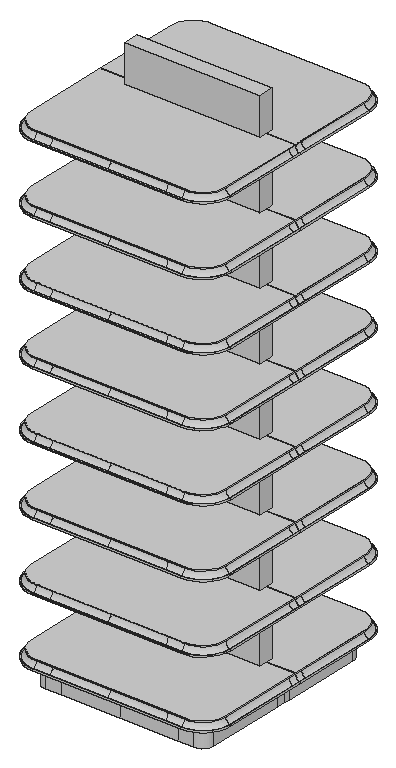
Revit family "AD", category Specialty Equipment, Revit 2012
Parameters (values of type "Feature Aisle Display (Default)")
  URL = "http://madixinc.com/display/maxiline/fad/"
  Model = "Feature Aisle Display"
  Manufacturer = "© 2012 Madix, Inc. All rights reserved."
  Base Shelf [instance] = yes
  Shelf 2' [instance] = yes
  Width = 3' - 0"
  Shelf 3' [instance] = yes
  Shelf 4' [instance] = yes
  Shelf 5' [instance] = yes
  Shelf 6' [instance] = yes
  Shelf 7' [instance] = yes
  Shelf 8' [instance] = yes
  Shelf Depth (Each Side) = 1' - 6"
  Height = 8' - 0"
Reference planes (in)
  plane 1 "Center (Front/Back)": y = 0
  plane 2: z = 0
  plane 3 "Center (Left/Right)": x = 0
  plane 4: y = 1.375
  plane 5: y = -1.375
  plane 6: z = 96
  plane 7: z = 0
  plane 8 "1st shelf": z = 17.5
  plane 9 "2nd shelf": z = 41.5
  plane 10: y = -20.25
  plane 11: x = -18
  plane 12: x = 18
  plane 13: x = -17.875
  plane 14: x = 17.875
  plane 15: z = 29.5
  plane 16: y = 24.25
  plane 17: x = 15.125
  plane 18: x = -15.125
  plane 19: y = -17.375
  plane 20: y = -20.125
  plane 21: y = -19.375
  plane 22: x = -15.125
  plane 23: x = 15.125
  plane 24: z = 5.5
  plane 25: z = 53.5
  plane 26: z = 65.5
  plane 27: z = 77.5
  plane 28: z = 89.5
  plane 29: y = 20.25
  plane 30: y = 17.375
  plane 31: y = 19.375
  plane 32: y = 20.25
  plane 33: y = 17.375
  plane 34: y = 20.125
Forms (in)
  Extrusion 1, solid, material "Metal - Steel"
    sketch origin (-24, 1.375, 77.5) x (1, 0, 0) y (0, 1, 0)
      loop
        line (24, 0) -> (12, 0) -> (12, -2.75) -> (36, -2.75) -> (36, 0) -> (24, 0)
    from -77.5 to 18.5
  Extrusion 2, solid, material "Metal - Steel", visible <- "Base Shelf"
    sketch origin (-24, 1.375, 77.5) x (1, 0, 0) y (0, 1, 0)
      loop
        line (8.875, -2.75) -> (8.875, -16.75)
        arc (8.875, -16.75) -> (9.46079, -18.16421) -> (10.875, -18.75) r 2
        line (10.875, -18.75) -> (13.75, -18.75) -> (24, -18.75) -> (34.25, -18.75) -> (37.125, -18.75)
        arc (37.125, -18.75) -> (38.53921, -18.16421) -> (39.125, -16.75) r 2
        line (39.125, -16.75) -> (39.125, -2.75) -> (39.125, -1.375) -> (36, -1.375) -> (36, -2.75) -> (12, -2.75) -> (12, -1.375) -> (8.875, -1.375) -> (8.875, -2.75)
    from -77.5 to -72
  Sweep 3, solid, material "Metal - Steel", visible <- "Base Shelf"
    path in 3D
      loop
        line (-15.125, 0, 5.5) -> (-15.125, -1.375, 5.5) -> (-15.125, -15.375, 5.5)
        arc (-15.125, -15.375, 5.5) -> (-14.53921, -16.78921, 5.5) -> (-13.125, -17.375, 5.5) r 2
        line (-13.125, -17.375, 5.5) -> (-10.25, -17.375, 5.5) -> (0, -17.375, 5.5) -> (10.25, -17.375, 5.5) -> (13.125, -17.375, 5.5)
        arc (13.125, -17.375, 5.5) -> (14.53921, -16.78921, 5.5) -> (15.125, -15.375, 5.5) r 2
        line (15.125, -15.375, 5.5) -> (15.125, -1.375, 5.5) -> (15.125, 0, 5.5)
    profile origin (-15.125, -8.375, 5.5) x (1, 0, 0) y (0, 0, 1)
      loop
        line (0, 0) -> (-2, 0) -> (-2.125, 0) -> (-2.125, -0.125) -> (-2, -0.125)
        arc (-2, -0.125) -> (-2.26196, -0.76286) -> (-2.75, -1.25) r 1.75
        line (-2.75, -1.25) -> (-2.75, -1.125) -> (-2.875, -1.125) -> (-2.875, -1.375) -> (0, -1.375) -> (0, 0)
  Extrusion 4, solid, material "Metal - Steel", visible <- "Shelf 2'"
    sketch origin (-24, 1.375, 89.5) x (1, 0, 0) y (0, 1, 0)
      loop
        line (8.875, -2.75) -> (8.875, -16.75)
        arc (8.875, -16.75) -> (9.46079, -18.16421) -> (10.875, -18.75) r 2
        line (10.875, -18.75) -> (13.75, -18.75) -> (24, -18.75) -> (34.25, -18.75) -> (37.125, -18.75)
        arc (37.125, -18.75) -> (38.53921, -18.16421) -> (39.125, -16.75) r 2
        line (39.125, -16.75) -> (39.125, -2.75) -> (39.125, -1.375) -> (36, -1.375) -> (36, -2.75) -> (12, -2.75) -> (12, -1.375) -> (8.875, -1.375) -> (8.875, -2.75)
    from -73.375 to -72
  Sweep 5, solid, material "Metal - Steel", visible <- "Shelf 2'"
    path in 3D
      loop
        line (-15.125, 0, 17.5) -> (-15.125, -1.375, 17.5) -> (-15.125, -15.375, 17.5)
        arc (-15.125, -15.375, 17.5) -> (-14.53921, -16.78921, 17.5) -> (-13.125, -17.375, 17.5) r 2
        line (-13.125, -17.375, 17.5) -> (-10.25, -17.375, 17.5) -> (0, -17.375, 17.5) -> (10.25, -17.375, 17.5) -> (13.125, -17.375, 17.5)
        arc (13.125, -17.375, 17.5) -> (14.53921, -16.78921, 17.5) -> (15.125, -15.375, 17.5) r 2
        line (15.125, -15.375, 17.5) -> (15.125, -1.375, 17.5) -> (15.125, 0, 17.5)
    profile origin (-15.125, -8.375, 17.5) x (1, 0, 0) y (0, 0, 1)
      loop
        line (0, 0) -> (-2, 0) -> (-2.125, 0) -> (-2.125, -0.125) -> (-2, -0.125)
        arc (-2, -0.125) -> (-2.26196, -0.76286) -> (-2.75, -1.25) r 1.75
        line (-2.75, -1.25) -> (-2.75, -1.125) -> (-2.875, -1.125) -> (-2.875, -1.375) -> (0, -1.375) -> (0, 0)
  Extrusion 6, solid, material "Metal - Steel", visible <- "Shelf 3'"
    sketch origin (-24, 1.375, 101.5) x (1, 0, 0) y (0, 1, 0)
      loop
        line (8.875, -2.75) -> (8.875, -16.75)
        arc (8.875, -16.75) -> (9.46079, -18.16421) -> (10.875, -18.75) r 2
        line (10.875, -18.75) -> (13.75, -18.75) -> (24, -18.75) -> (34.25, -18.75) -> (37.125, -18.75)
        arc (37.125, -18.75) -> (38.53921, -18.16421) -> (39.125, -16.75) r 2
        line (39.125, -16.75) -> (39.125, -2.75) -> (39.125, -1.375) -> (36, -1.375) -> (36, -2.75) -> (12, -2.75) -> (12, -1.375) -> (8.875, -1.375) -> (8.875, -2.75)
    from -73.375 to -72
  Sweep 7, solid, material "Metal - Steel", visible <- "Shelf 3'"
    path in 3D
      loop
        line (-15.125, 0, 29.5) -> (-15.125, -1.375, 29.5) -> (-15.125, -15.375, 29.5)
        arc (-15.125, -15.375, 29.5) -> (-14.53921, -16.78921, 29.5) -> (-13.125, -17.375, 29.5) r 2
        line (-13.125, -17.375, 29.5) -> (-10.25, -17.375, 29.5) -> (0, -17.375, 29.5) -> (10.25, -17.375, 29.5) -> (13.125, -17.375, 29.5)
        arc (13.125, -17.375, 29.5) -> (14.53921, -16.78921, 29.5) -> (15.125, -15.375, 29.5) r 2
        line (15.125, -15.375, 29.5) -> (15.125, -1.375, 29.5) -> (15.125, 0, 29.5)
    profile origin (-15.125, -8.375, 29.5) x (1, 0, 0) y (0, 0, 1)
      loop
        line (0, 0) -> (-2, 0) -> (-2.125, 0) -> (-2.125, -0.125) -> (-2, -0.125)
        arc (-2, -0.125) -> (-2.26196, -0.76286) -> (-2.75, -1.25) r 1.75
        line (-2.75, -1.25) -> (-2.75, -1.125) -> (-2.875, -1.125) -> (-2.875, -1.375) -> (0, -1.375) -> (0, 0)
  Extrusion 8, solid, material "Metal - Steel", visible <- "Shelf 4'"
    sketch origin (-24, 1.375, 113.5) x (1, 0, 0) y (0, 1, 0)
      loop
        line (8.875, -2.75) -> (8.875, -16.75)
        arc (8.875, -16.75) -> (9.46079, -18.16421) -> (10.875, -18.75) r 2
        line (10.875, -18.75) -> (13.75, -18.75) -> (24, -18.75) -> (34.25, -18.75) -> (37.125, -18.75)
        arc (37.125, -18.75) -> (38.53921, -18.16421) -> (39.125, -16.75) r 2
        line (39.125, -16.75) -> (39.125, -2.75) -> (39.125, -1.375) -> (36, -1.375) -> (36, -2.75) -> (12, -2.75) -> (12, -1.375) -> (8.875, -1.375) -> (8.875, -2.75)
    from -73.375 to -72
  Sweep 9, solid, material "Metal - Steel", visible <- "Shelf 4'"
    path in 3D
      loop
        line (-15.125, 0, 41.5) -> (-15.125, -1.375, 41.5) -> (-15.125, -15.375, 41.5)
        arc (-15.125, -15.375, 41.5) -> (-14.53921, -16.78921, 41.5) -> (-13.125, -17.375, 41.5) r 2
        line (-13.125, -17.375, 41.5) -> (-10.25, -17.375, 41.5) -> (0, -17.375, 41.5) -> (10.25, -17.375, 41.5) -> (13.125, -17.375, 41.5)
        arc (13.125, -17.375, 41.5) -> (14.53921, -16.78921, 41.5) -> (15.125, -15.375, 41.5) r 2
        line (15.125, -15.375, 41.5) -> (15.125, -1.375, 41.5) -> (15.125, 0, 41.5)
    profile origin (-15.125, -8.375, 41.5) x (1, 0, 0) y (0, 0, 1)
      loop
        line (0, 0) -> (-2, 0) -> (-2.125, 0) -> (-2.125, -0.125) -> (-2, -0.125)
        arc (-2, -0.125) -> (-2.26196, -0.76286) -> (-2.75, -1.25) r 1.75
        line (-2.75, -1.25) -> (-2.75, -1.125) -> (-2.875, -1.125) -> (-2.875, -1.375) -> (0, -1.375) -> (0, 0)
  Extrusion 10, solid, material "Metal - Steel", visible <- "Shelf 5'"
    sketch origin (-24, 1.375, 125.5) x (1, 0, 0) y (0, 1, 0)
      loop
        line (8.875, -2.75) -> (8.875, -16.75)
        arc (8.875, -16.75) -> (9.46079, -18.16421) -> (10.875, -18.75) r 2
        line (10.875, -18.75) -> (13.75, -18.75) -> (24, -18.75) -> (34.25, -18.75) -> (37.125, -18.75)
        arc (37.125, -18.75) -> (38.53921, -18.16421) -> (39.125, -16.75) r 2
        line (39.125, -16.75) -> (39.125, -2.75) -> (39.125, -1.375) -> (36, -1.375) -> (36, -2.75) -> (12, -2.75) -> (12, -1.375) -> (8.875, -1.375) -> (8.875, -2.75)
    from -73.375 to -72
  Sweep 11, solid, material "Metal - Steel", visible <- "Shelf 5'"
    path in 3D
      loop
        line (-15.125, 0, 53.5) -> (-15.125, -1.375, 53.5) -> (-15.125, -15.375, 53.5)
        arc (-15.125, -15.375, 53.5) -> (-14.53921, -16.78921, 53.5) -> (-13.125, -17.375, 53.5) r 2
        line (-13.125, -17.375, 53.5) -> (-10.25, -17.375, 53.5) -> (0, -17.375, 53.5) -> (10.25, -17.375, 53.5) -> (13.125, -17.375, 53.5)
        arc (13.125, -17.375, 53.5) -> (14.53921, -16.78921, 53.5) -> (15.125, -15.375, 53.5) r 2
        line (15.125, -15.375, 53.5) -> (15.125, -1.375, 53.5) -> (15.125, 0, 53.5)
    profile origin (-15.125, -8.375, 53.5) x (1, 0, 0) y (0, 0, 1)
      loop
        line (0, 0) -> (-2, 0) -> (-2.125, 0) -> (-2.125, -0.125) -> (-2, -0.125)
        arc (-2, -0.125) -> (-2.26196, -0.76286) -> (-2.75, -1.25) r 1.75
        line (-2.75, -1.25) -> (-2.75, -1.125) -> (-2.875, -1.125) -> (-2.875, -1.375) -> (0, -1.375) -> (0, 0)
  Extrusion 12, solid, material "Metal - Steel", visible <- "Shelf 6'"
    sketch origin (-24, 1.375, 137.5) x (1, 0, 0) y (0, 1, 0)
      loop
        line (8.875, -2.75) -> (8.875, -16.75)
        arc (8.875, -16.75) -> (9.46079, -18.16421) -> (10.875, -18.75) r 2
        line (10.875, -18.75) -> (13.75, -18.75) -> (24, -18.75) -> (34.25, -18.75) -> (37.125, -18.75)
        arc (37.125, -18.75) -> (38.53921, -18.16421) -> (39.125, -16.75) r 2
        line (39.125, -16.75) -> (39.125, -2.75) -> (39.125, -1.375) -> (36, -1.375) -> (36, -2.75) -> (12, -2.75) -> (12, -1.375) -> (8.875, -1.375) -> (8.875, -2.75)
    from -73.375 to -72
  Sweep 13, solid, material "Metal - Steel", visible <- "Shelf 6'"
    path in 3D
      loop
        line (-15.125, 0, 65.5) -> (-15.125, -1.375, 65.5) -> (-15.125, -15.375, 65.5)
        arc (-15.125, -15.375, 65.5) -> (-14.53921, -16.78921, 65.5) -> (-13.125, -17.375, 65.5) r 2
        line (-13.125, -17.375, 65.5) -> (-10.25, -17.375, 65.5) -> (0, -17.375, 65.5) -> (10.25, -17.375, 65.5) -> (13.125, -17.375, 65.5)
        arc (13.125, -17.375, 65.5) -> (14.53921, -16.78921, 65.5) -> (15.125, -15.375, 65.5) r 2
        line (15.125, -15.375, 65.5) -> (15.125, -1.375, 65.5) -> (15.125, 0, 65.5)
    profile origin (-15.125, -8.375, 65.5) x (1, 0, 0) y (0, 0, 1)
      loop
        line (0, 0) -> (-2, 0) -> (-2.125, 0) -> (-2.125, -0.125) -> (-2, -0.125)
        arc (-2, -0.125) -> (-2.26196, -0.76286) -> (-2.75, -1.25) r 1.75
        line (-2.75, -1.25) -> (-2.75, -1.125) -> (-2.875, -1.125) -> (-2.875, -1.375) -> (0, -1.375) -> (0, 0)
  Extrusion 14, solid, material "Metal - Steel", visible <- "Shelf 7'"
    sketch origin (-24, 1.375, 149.5) x (1, 0, 0) y (0, 1, 0)
      loop
        line (8.875, -2.75) -> (8.875, -16.75)
        arc (8.875, -16.75) -> (9.46079, -18.16421) -> (10.875, -18.75) r 2
        line (10.875, -18.75) -> (13.75, -18.75) -> (24, -18.75) -> (34.25, -18.75) -> (37.125, -18.75)
        arc (37.125, -18.75) -> (38.53921, -18.16421) -> (39.125, -16.75) r 2
        line (39.125, -16.75) -> (39.125, -2.75) -> (39.125, -1.375) -> (36, -1.375) -> (36, -2.75) -> (12, -2.75) -> (12, -1.375) -> (8.875, -1.375) -> (8.875, -2.75)
    from -73.375 to -72
  Sweep 15, solid, material "Metal - Steel", visible <- "Shelf 7'"
    path in 3D
      loop
        line (-15.125, 0, 77.5) -> (-15.125, -1.375, 77.5) -> (-15.125, -15.375, 77.5)
        arc (-15.125, -15.375, 77.5) -> (-14.53921, -16.78921, 77.5) -> (-13.125, -17.375, 77.5) r 2
        line (-13.125, -17.375, 77.5) -> (-10.25, -17.375, 77.5) -> (0, -17.375, 77.5) -> (10.25, -17.375, 77.5) -> (13.125, -17.375, 77.5)
        arc (13.125, -17.375, 77.5) -> (14.53921, -16.78921, 77.5) -> (15.125, -15.375, 77.5) r 2
        line (15.125, -15.375, 77.5) -> (15.125, -1.375, 77.5) -> (15.125, 0, 77.5)
    profile origin (-15.125, -8.375, 77.5) x (1, 0, 0) y (0, 0, 1)
      loop
        line (0, 0) -> (-2, 0) -> (-2.125, 0) -> (-2.125, -0.125) -> (-2, -0.125)
        arc (-2, -0.125) -> (-2.26196, -0.76286) -> (-2.75, -1.25) r 1.75
        line (-2.75, -1.25) -> (-2.75, -1.125) -> (-2.875, -1.125) -> (-2.875, -1.375) -> (0, -1.375) -> (0, 0)
  Extrusion 16, solid, material "Metal - Steel", visible <- "Shelf 8'"
    sketch origin (-24, 1.375, 161.5) x (1, 0, 0) y (0, 1, 0)
      loop
        line (8.875, -2.75) -> (8.875, -16.75)
        arc (8.875, -16.75) -> (9.46079, -18.16421) -> (10.875, -18.75) r 2
        line (10.875, -18.75) -> (13.75, -18.75) -> (24, -18.75) -> (34.25, -18.75) -> (37.125, -18.75)
        arc (37.125, -18.75) -> (38.53921, -18.16421) -> (39.125, -16.75) r 2
        line (39.125, -16.75) -> (39.125, -2.75) -> (39.125, -1.375) -> (36, -1.375) -> (36, -2.75) -> (12, -2.75) -> (12, -1.375) -> (8.875, -1.375) -> (8.875, -2.75)
    from -73.375 to -72
  Sweep 17, solid, material "Metal - Steel", visible <- "Shelf 8'"
    path in 3D
      loop
        line (-15.125, 0, 89.5) -> (-15.125, -1.375, 89.5) -> (-15.125, -15.375, 89.5)
        arc (-15.125, -15.375, 89.5) -> (-14.53921, -16.78921, 89.5) -> (-13.125, -17.375, 89.5) r 2
        line (-13.125, -17.375, 89.5) -> (-10.25, -17.375, 89.5) -> (0, -17.375, 89.5) -> (10.25, -17.375, 89.5) -> (13.125, -17.375, 89.5)
        arc (13.125, -17.375, 89.5) -> (14.53921, -16.78921, 89.5) -> (15.125, -15.375, 89.5) r 2
        line (15.125, -15.375, 89.5) -> (15.125, -1.375, 89.5) -> (15.125, 0, 89.5)
    profile origin (-15.125, -8.375, 89.5) x (1, 0, 0) y (0, 0, 1)
      loop
        line (0, 0) -> (-2, 0) -> (-2.125, 0) -> (-2.125, -0.125) -> (-2, -0.125)
        arc (-2, -0.125) -> (-2.26196, -0.76286) -> (-2.75, -1.25) r 1.75
        line (-2.75, -1.25) -> (-2.75, -1.125) -> (-2.875, -1.125) -> (-2.875, -1.375) -> (0, -1.375) -> (0, 0)
  Extrusion 18, solid, material "Metal - Steel", visible <- "Base Shelf"
    sketch origin (-24, -1.375, 77.5) x (1, 0, 0) y (0, 1, 0)
      loop
        line (8.875, 2.75) -> (8.875, 1.375) -> (12, 1.375) -> (12, 2.75) -> (36, 2.75) -> (36, 1.375) -> (39.125, 1.375) -> (39.125, 2.75) -> (39.125, 16.75)
        arc (39.125, 16.75) -> (38.53921, 18.16421) -> (37.125, 18.75) r 2
        line (37.125, 18.75) -> (34.25, 18.75) -> (24, 18.75) -> (13.75, 18.75) -> (10.875, 18.75)
        arc (10.875, 18.75) -> (9.46079, 18.16421) -> (8.875, 16.75) r 2
        line (8.875, 16.75) -> (8.875, 2.75)
    from -77.5 to -72
  Sweep 19, solid, material "Metal - Steel", visible <- "Base Shelf"
    path in 3D
      loop
        line (15.125, 0, 5.5) -> (15.125, 1.375, 5.5) -> (15.125, 15.375, 5.5)
        arc (15.125, 15.375, 5.5) -> (14.53921, 16.78921, 5.5) -> (13.125, 17.375, 5.5) r 2
        line (13.125, 17.375, 5.5) -> (10.25, 17.375, 5.5) -> (0, 17.375, 5.5) -> (-10.25, 17.375, 5.5) -> (-13.125, 17.375, 5.5)
        arc (-13.125, 17.375, 5.5) -> (-14.53921, 16.78921, 5.5) -> (-15.125, 15.375, 5.5) r 2
        line (-15.125, 15.375, 5.5) -> (-15.125, 1.375, 5.5) -> (-15.125, 0, 5.5)
    profile origin (-15.125, 8.375, 5.5) x (1, 0, 0) y (0, 0, 1)
      loop
        line (0, 0) -> (-2.125, 0) -> (-2.125, -0.125) -> (-2, -0.125)
        arc (-2, -0.125) -> (-2.26196, -0.76286) -> (-2.75, -1.25) r 1.75
        line (-2.75, -1.25) -> (-2.75, -1.125) -> (-2.875, -1.125) -> (-2.875, -1.375) -> (0, -1.375) -> (0, 0)
  Extrusion 20, solid, material "Metal - Steel", visible <- "Shelf 2'"
    sketch origin (-24, -1.375, 89.5) x (1, 0, 0) y (0, 1, 0)
      loop
        line (8.875, 2.75) -> (8.875, 1.375) -> (12, 1.375) -> (12, 2.75) -> (36, 2.75) -> (36, 1.375) -> (39.125, 1.375) -> (39.125, 2.75) -> (39.125, 16.75)
        arc (39.125, 16.75) -> (38.53921, 18.16421) -> (37.125, 18.75) r 2
        line (37.125, 18.75) -> (34.25, 18.75) -> (24, 18.75) -> (13.75, 18.75) -> (10.875, 18.75)
        arc (10.875, 18.75) -> (9.46079, 18.16421) -> (8.875, 16.75) r 2
        line (8.875, 16.75) -> (8.875, 2.75)
    from -73.375 to -72
  Sweep 21, solid, material "Metal - Steel", visible <- "Shelf 2'"
    path in 3D
      loop
        line (15.125, 0, 17.5) -> (15.125, 1.375, 17.5) -> (15.125, 15.375, 17.5)
        arc (15.125, 15.375, 17.5) -> (14.53921, 16.78921, 17.5) -> (13.125, 17.375, 17.5) r 2
        line (13.125, 17.375, 17.5) -> (10.25, 17.375, 17.5) -> (0, 17.375, 17.5) -> (-10.25, 17.375, 17.5) -> (-13.125, 17.375, 17.5)
        arc (-13.125, 17.375, 17.5) -> (-14.53921, 16.78921, 17.5) -> (-15.125, 15.375, 17.5) r 2
        line (-15.125, 15.375, 17.5) -> (-15.125, 1.375, 17.5) -> (-15.125, 0, 17.5)
    profile origin (-15.125, 8.375, 17.5) x (1, 0, 0) y (0, 0, 1)
      loop
        line (0, 0) -> (-2.125, 0) -> (-2.125, -0.125) -> (-2, -0.125)
        arc (-2, -0.125) -> (-2.26196, -0.76286) -> (-2.75, -1.25) r 1.75
        line (-2.75, -1.25) -> (-2.75, -1.125) -> (-2.875, -1.125) -> (-2.875, -1.375) -> (0, -1.375) -> (0, 0)
  Extrusion 22, solid, material "Metal - Steel", visible <- "Shelf 3'"
    sketch origin (-24, -1.375, 101.5) x (1, 0, 0) y (0, 1, 0)
      loop
        line (8.875, 2.75) -> (8.875, 1.375) -> (12, 1.375) -> (12, 2.75) -> (36, 2.75) -> (36, 1.375) -> (39.125, 1.375) -> (39.125, 2.75) -> (39.125, 16.75)
        arc (39.125, 16.75) -> (38.53921, 18.16421) -> (37.125, 18.75) r 2
        line (37.125, 18.75) -> (34.25, 18.75) -> (24, 18.75) -> (13.75, 18.75) -> (10.875, 18.75)
        arc (10.875, 18.75) -> (9.46079, 18.16421) -> (8.875, 16.75) r 2
        line (8.875, 16.75) -> (8.875, 2.75)
    from -73.375 to -72
  Sweep 23, solid, material "Metal - Steel", visible <- "Shelf 3'"
    path in 3D
      loop
        line (15.125, 0, 29.5) -> (15.125, 1.375, 29.5) -> (15.125, 15.375, 29.5)
        arc (15.125, 15.375, 29.5) -> (14.53921, 16.78921, 29.5) -> (13.125, 17.375, 29.5) r 2
        line (13.125, 17.375, 29.5) -> (10.25, 17.375, 29.5) -> (0, 17.375, 29.5) -> (-10.25, 17.375, 29.5) -> (-13.125, 17.375, 29.5)
        arc (-13.125, 17.375, 29.5) -> (-14.53921, 16.78921, 29.5) -> (-15.125, 15.375, 29.5) r 2
        line (-15.125, 15.375, 29.5) -> (-15.125, 1.375, 29.5) -> (-15.125, 0, 29.5)
    profile origin (-15.125, 8.375, 29.5) x (1, 0, 0) y (0, 0, 1)
      loop
        line (0, 0) -> (-2.125, 0) -> (-2.125, -0.125) -> (-2, -0.125)
        arc (-2, -0.125) -> (-2.26196, -0.76286) -> (-2.75, -1.25) r 1.75
        line (-2.75, -1.25) -> (-2.75, -1.125) -> (-2.875, -1.125) -> (-2.875, -1.375) -> (0, -1.375) -> (0, 0)
  Extrusion 24, solid, material "Metal - Steel", visible <- "Shelf 4'"
    sketch origin (-24, -1.375, 113.5) x (1, 0, 0) y (0, 1, 0)
      loop
        line (8.875, 2.75) -> (8.875, 1.375) -> (12, 1.375) -> (12, 2.75) -> (36, 2.75) -> (36, 1.375) -> (39.125, 1.375) -> (39.125, 2.75) -> (39.125, 16.75)
        arc (39.125, 16.75) -> (38.53921, 18.16421) -> (37.125, 18.75) r 2
        line (37.125, 18.75) -> (34.25, 18.75) -> (24, 18.75) -> (13.75, 18.75) -> (10.875, 18.75)
        arc (10.875, 18.75) -> (9.46079, 18.16421) -> (8.875, 16.75) r 2
        line (8.875, 16.75) -> (8.875, 2.75)
    from -73.375 to -72
  Sweep 25, solid, material "Metal - Steel", visible <- "Shelf 4'"
    path in 3D
      loop
        line (15.125, 0, 41.5) -> (15.125, 1.375, 41.5) -> (15.125, 15.375, 41.5)
        arc (15.125, 15.375, 41.5) -> (14.53921, 16.78921, 41.5) -> (13.125, 17.375, 41.5) r 2
        line (13.125, 17.375, 41.5) -> (10.25, 17.375, 41.5) -> (0, 17.375, 41.5) -> (-10.25, 17.375, 41.5) -> (-13.125, 17.375, 41.5)
        arc (-13.125, 17.375, 41.5) -> (-14.53921, 16.78921, 41.5) -> (-15.125, 15.375, 41.5) r 2
        line (-15.125, 15.375, 41.5) -> (-15.125, 1.375, 41.5) -> (-15.125, 0, 41.5)
    profile origin (-15.125, 8.375, 41.5) x (1, 0, 0) y (0, 0, 1)
      loop
        line (0, 0) -> (-2.125, 0) -> (-2.125, -0.125) -> (-2, -0.125)
        arc (-2, -0.125) -> (-2.26196, -0.76286) -> (-2.75, -1.25) r 1.75
        line (-2.75, -1.25) -> (-2.75, -1.125) -> (-2.875, -1.125) -> (-2.875, -1.375) -> (0, -1.375) -> (0, 0)
  Extrusion 26, solid, material "Metal - Steel", visible <- "Shelf 5'"
    sketch origin (-24, -1.375, 125.5) x (1, 0, 0) y (0, 1, 0)
      loop
        line (8.875, 2.75) -> (8.875, 1.375) -> (12, 1.375) -> (12, 2.75) -> (36, 2.75) -> (36, 1.375) -> (39.125, 1.375) -> (39.125, 2.75) -> (39.125, 16.75)
        arc (39.125, 16.75) -> (38.53921, 18.16421) -> (37.125, 18.75) r 2
        line (37.125, 18.75) -> (34.25, 18.75) -> (24, 18.75) -> (13.75, 18.75) -> (10.875, 18.75)
        arc (10.875, 18.75) -> (9.46079, 18.16421) -> (8.875, 16.75) r 2
        line (8.875, 16.75) -> (8.875, 2.75)
    from -73.375 to -72
  Sweep 27, solid, material "Metal - Steel", visible <- "Shelf 5'"
    path in 3D
      loop
        line (15.125, 0, 53.5) -> (15.125, 1.375, 53.5) -> (15.125, 15.375, 53.5)
        arc (15.125, 15.375, 53.5) -> (14.53921, 16.78921, 53.5) -> (13.125, 17.375, 53.5) r 2
        line (13.125, 17.375, 53.5) -> (10.25, 17.375, 53.5) -> (0, 17.375, 53.5) -> (-10.25, 17.375, 53.5) -> (-13.125, 17.375, 53.5)
        arc (-13.125, 17.375, 53.5) -> (-14.53921, 16.78921, 53.5) -> (-15.125, 15.375, 53.5) r 2
        line (-15.125, 15.375, 53.5) -> (-15.125, 1.375, 53.5) -> (-15.125, 0, 53.5)
    profile origin (-15.125, 8.375, 53.5) x (1, 0, 0) y (0, 0, 1)
      loop
        line (0, 0) -> (-2.125, 0) -> (-2.125, -0.125) -> (-2, -0.125)
        arc (-2, -0.125) -> (-2.26196, -0.76286) -> (-2.75, -1.25) r 1.75
        line (-2.75, -1.25) -> (-2.75, -1.125) -> (-2.875, -1.125) -> (-2.875, -1.375) -> (0, -1.375) -> (0, 0)
  Extrusion 28, solid, material "Metal - Steel", visible <- "Shelf 6'"
    sketch origin (-24, -1.375, 137.5) x (1, 0, 0) y (0, 1, 0)
      loop
        line (8.875, 2.75) -> (8.875, 1.375) -> (12, 1.375) -> (12, 2.75) -> (36, 2.75) -> (36, 1.375) -> (39.125, 1.375) -> (39.125, 2.75) -> (39.125, 16.75)
        arc (39.125, 16.75) -> (38.53921, 18.16421) -> (37.125, 18.75) r 2
        line (37.125, 18.75) -> (34.25, 18.75) -> (24, 18.75) -> (13.75, 18.75) -> (10.875, 18.75)
        arc (10.875, 18.75) -> (9.46079, 18.16421) -> (8.875, 16.75) r 2
        line (8.875, 16.75) -> (8.875, 2.75)
    from -73.375 to -72
  Sweep 29, solid, material "Metal - Steel", visible <- "Shelf 6'"
    path in 3D
      loop
        line (15.125, 0, 65.5) -> (15.125, 1.375, 65.5) -> (15.125, 15.375, 65.5)
        arc (15.125, 15.375, 65.5) -> (14.53921, 16.78921, 65.5) -> (13.125, 17.375, 65.5) r 2
        line (13.125, 17.375, 65.5) -> (10.25, 17.375, 65.5) -> (0, 17.375, 65.5) -> (-10.25, 17.375, 65.5) -> (-13.125, 17.375, 65.5)
        arc (-13.125, 17.375, 65.5) -> (-14.53921, 16.78921, 65.5) -> (-15.125, 15.375, 65.5) r 2
        line (-15.125, 15.375, 65.5) -> (-15.125, 1.375, 65.5) -> (-15.125, 0, 65.5)
    profile origin (-15.125, 8.375, 65.5) x (1, 0, 0) y (0, 0, 1)
      loop
        line (0, 0) -> (-2.125, 0) -> (-2.125, -0.125) -> (-2, -0.125)
        arc (-2, -0.125) -> (-2.26196, -0.76286) -> (-2.75, -1.25) r 1.75
        line (-2.75, -1.25) -> (-2.75, -1.125) -> (-2.875, -1.125) -> (-2.875, -1.375) -> (0, -1.375) -> (0, 0)
  Extrusion 30, solid, material "Metal - Steel", visible <- "Shelf 7'"
    sketch origin (-24, -1.375, 149.5) x (1, 0, 0) y (0, 1, 0)
      loop
        line (8.875, 2.75) -> (8.875, 1.375) -> (12, 1.375) -> (12, 2.75) -> (36, 2.75) -> (36, 1.375) -> (39.125, 1.375) -> (39.125, 2.75) -> (39.125, 16.75)
        arc (39.125, 16.75) -> (38.53921, 18.16421) -> (37.125, 18.75) r 2
        line (37.125, 18.75) -> (34.25, 18.75) -> (24, 18.75) -> (13.75, 18.75) -> (10.875, 18.75)
        arc (10.875, 18.75) -> (9.46079, 18.16421) -> (8.875, 16.75) r 2
        line (8.875, 16.75) -> (8.875, 2.75)
    from -73.375 to -72
  Sweep 31, solid, material "Metal - Steel", visible <- "Shelf 7'"
    path in 3D
      loop
        line (15.125, 0, 77.5) -> (15.125, 1.375, 77.5) -> (15.125, 15.375, 77.5)
        arc (15.125, 15.375, 77.5) -> (14.53921, 16.78921, 77.5) -> (13.125, 17.375, 77.5) r 2
        line (13.125, 17.375, 77.5) -> (10.25, 17.375, 77.5) -> (0, 17.375, 77.5) -> (-10.25, 17.375, 77.5) -> (-13.125, 17.375, 77.5)
        arc (-13.125, 17.375, 77.5) -> (-14.53921, 16.78921, 77.5) -> (-15.125, 15.375, 77.5) r 2
        line (-15.125, 15.375, 77.5) -> (-15.125, 1.375, 77.5) -> (-15.125, 0, 77.5)
    profile origin (-15.125, 8.375, 77.5) x (1, 0, 0) y (0, 0, 1)
      loop
        line (0, 0) -> (-2.125, 0) -> (-2.125, -0.125) -> (-2, -0.125)
        arc (-2, -0.125) -> (-2.26196, -0.76286) -> (-2.75, -1.25) r 1.75
        line (-2.75, -1.25) -> (-2.75, -1.125) -> (-2.875, -1.125) -> (-2.875, -1.375) -> (0, -1.375) -> (0, 0)
  Extrusion 32, solid, material "Metal - Steel", visible <- "Shelf 8'"
    sketch origin (-24, -1.375, 161.5) x (1, 0, 0) y (0, 1, 0)
      loop
        line (8.875, 2.75) -> (8.875, 1.375) -> (12, 1.375) -> (12, 2.75) -> (36, 2.75) -> (36, 1.375) -> (39.125, 1.375) -> (39.125, 2.75) -> (39.125, 16.75)
        arc (39.125, 16.75) -> (38.53921, 18.16421) -> (37.125, 18.75) r 2
        line (37.125, 18.75) -> (34.25, 18.75) -> (24, 18.75) -> (13.75, 18.75) -> (10.875, 18.75)
        arc (10.875, 18.75) -> (9.46079, 18.16421) -> (8.875, 16.75) r 2
        line (8.875, 16.75) -> (8.875, 2.75)
    from -73.375 to -72
  Sweep 33, solid, material "Metal - Steel", visible <- "Shelf 8'"
    path in 3D
      loop
        line (15.125, 0, 89.5) -> (15.125, 1.375, 89.5) -> (15.125, 15.375, 89.5)
        arc (15.125, 15.375, 89.5) -> (14.53921, 16.78921, 89.5) -> (13.125, 17.375, 89.5) r 2
        line (13.125, 17.375, 89.5) -> (10.25, 17.375, 89.5) -> (0, 17.375, 89.5) -> (-10.25, 17.375, 89.5) -> (-13.125, 17.375, 89.5)
        arc (-13.125, 17.375, 89.5) -> (-14.53921, 16.78921, 89.5) -> (-15.125, 15.375, 89.5) r 2
        line (-15.125, 15.375, 89.5) -> (-15.125, 1.375, 89.5) -> (-15.125, 0, 89.5)
    profile origin (-15.125, 8.375, 89.5) x (1, 0, 0) y (0, 0, 1)
      loop
        line (0, 0) -> (-2.125, 0) -> (-2.125, -0.125) -> (-2, -0.125)
        arc (-2, -0.125) -> (-2.26196, -0.76286) -> (-2.75, -1.25) r 1.75
        line (-2.75, -1.25) -> (-2.75, -1.125) -> (-2.875, -1.125) -> (-2.875, -1.375) -> (0, -1.375) -> (0, 0)
Cuts and joins
  joined: Extrusion 2, Sweep 3
  joined: Extrusion 4, Sweep 5
  joined: Extrusion 6, Sweep 7
  joined: Extrusion 8, Sweep 9
  joined: Extrusion 10, Sweep 11
  joined: Extrusion 12, Sweep 13
  joined: Extrusion 14, Sweep 15
  joined: Extrusion 16, Sweep 17
  joined: Extrusion 18, Sweep 19
  joined: Extrusion 22, Sweep 23
  joined: Extrusion 24, Sweep 25
  joined: Extrusion 26, Sweep 27
  joined: Extrusion 28, Sweep 29
  joined: Extrusion 30, Sweep 31
  joined: Extrusion 32, Sweep 33
  joined: Extrusion 20, Sweep 21
Lines and regions (in)
  sketch lines
    curve 1: line (-15.125, -1.375, 5.5) -> (-15.125, -15.375, 5.5)
    curve 2: line (-15.125, 0, 5.5) -> (-15.125, -1.375, 5.5)
    curve 3: arc (-13.125, -17.375, 5.5) -> (-14.53921, -16.78921, 5.5) -> (-15.125, -15.375, 5.5) r 2
    curve 4: line (-13.125, -17.375, 5.5) -> (-10.25, -17.375, 5.5)
    curve 5: line (-10.25, -17.375, 5.5) -> (0, -17.375, 5.5)
    curve 6: line (0, -17.375, 5.5) -> (10.25, -17.375, 5.5)
    curve 7: line (10.25, -17.375, 5.5) -> (13.125, -17.375, 5.5)
    curve 8: arc (15.125, -15.375, 5.5) -> (14.53921, -16.78921, 5.5) -> (13.125, -17.375, 5.5) r 2
    curve 9: line (15.125, -15.375, 5.5) -> (15.125, -1.375, 5.5)
    curve 10: line (15.125, -1.375, 5.5) -> (15.125, 0, 5.5)
    curve 11: line (-15.125, -1.375, 17.5) -> (-15.125, -15.375, 17.5)
    curve 12: line (-15.125, 0, 17.5) -> (-15.125, -1.375, 17.5)
    curve 13: arc (-13.125, -17.375, 17.5) -> (-14.53921, -16.78921, 17.5) -> (-15.125, -15.375, 17.5) r 2
    curve 14: line (-13.125, -17.375, 17.5) -> (-10.25, -17.375, 17.5)
    curve 15: line (-10.25, -17.375, 17.5) -> (0, -17.375, 17.5)
    curve 16: line (0, -17.375, 17.5) -> (10.25, -17.375, 17.5)
    curve 17: line (10.25, -17.375, 17.5) -> (13.125, -17.375, 17.5)
    curve 18: arc (15.125, -15.375, 17.5) -> (14.53921, -16.78921, 17.5) -> (13.125, -17.375, 17.5) r 2
    curve 19: line (15.125, -15.375, 17.5) -> (15.125, -1.375, 17.5)
    curve 20: line (15.125, -1.375, 17.5) -> (15.125, 0, 17.5)
    curve 21: line (-15.125, -1.375, 29.5) -> (-15.125, -15.375, 29.5)
    curve 22: line (-15.125, 0, 29.5) -> (-15.125, -1.375, 29.5)
    curve 23: arc (-13.125, -17.375, 29.5) -> (-14.53921, -16.78921, 29.5) -> (-15.125, -15.375, 29.5) r 2
    curve 24: line (-13.125, -17.375, 29.5) -> (-10.25, -17.375, 29.5)
    curve 25: line (-10.25, -17.375, 29.5) -> (0, -17.375, 29.5)
    curve 26: line (0, -17.375, 29.5) -> (10.25, -17.375, 29.5)
    curve 27: line (10.25, -17.375, 29.5) -> (13.125, -17.375, 29.5)
    curve 28: arc (15.125, -15.375, 29.5) -> (14.53921, -16.78921, 29.5) -> (13.125, -17.375, 29.5) r 2
    curve 29: line (15.125, -15.375, 29.5) -> (15.125, -1.375, 29.5)
    curve 30: line (15.125, -1.375, 29.5) -> (15.125, 0, 29.5)
    curve 31: line (-15.125, -1.375, 41.5) -> (-15.125, -15.375, 41.5)
    curve 32: line (-15.125, 0, 41.5) -> (-15.125, -1.375, 41.5)
    curve 33: arc (-13.125, -17.375, 41.5) -> (-14.53921, -16.78921, 41.5) -> (-15.125, -15.375, 41.5) r 2
    curve 34: line (-13.125, -17.375, 41.5) -> (-10.25, -17.375, 41.5)
    curve 35: line (-10.25, -17.375, 41.5) -> (0, -17.375, 41.5)
    curve 36: line (0, -17.375, 41.5) -> (10.25, -17.375, 41.5)
    curve 37: line (10.25, -17.375, 41.5) -> (13.125, -17.375, 41.5)
    curve 38: arc (15.125, -15.375, 41.5) -> (14.53921, -16.78921, 41.5) -> (13.125, -17.375, 41.5) r 2
    curve 39: line (15.125, -15.375, 41.5) -> (15.125, -1.375, 41.5)
    curve 40: line (15.125, -1.375, 41.5) -> (15.125, 0, 41.5)
    curve 41: line (-15.125, -1.375, 53.5) -> (-15.125, -15.375, 53.5)
    curve 42: line (-15.125, 0, 53.5) -> (-15.125, -1.375, 53.5)
    curve 43: arc (-13.125, -17.375, 53.5) -> (-14.53921, -16.78921, 53.5) -> (-15.125, -15.375, 53.5) r 2
    curve 44: line (-13.125, -17.375, 53.5) -> (-10.25, -17.375, 53.5)
    curve 45: line (-10.25, -17.375, 53.5) -> (0, -17.375, 53.5)
    curve 46: line (0, -17.375, 53.5) -> (10.25, -17.375, 53.5)
    curve 47: line (10.25, -17.375, 53.5) -> (13.125, -17.375, 53.5)
    curve 48: arc (15.125, -15.375, 53.5) -> (14.53921, -16.78921, 53.5) -> (13.125, -17.375, 53.5) r 2
    curve 49: line (15.125, -15.375, 53.5) -> (15.125, -1.375, 53.5)
    curve 50: line (15.125, -1.375, 53.5) -> (15.125, 0, 53.5)
    curve 51: line (-15.125, -1.375, 65.5) -> (-15.125, -15.375, 65.5)
    curve 52: line (-15.125, 0, 65.5) -> (-15.125, -1.375, 65.5)
    curve 53: arc (-13.125, -17.375, 65.5) -> (-14.53921, -16.78921, 65.5) -> (-15.125, -15.375, 65.5) r 2
    curve 54: line (-13.125, -17.375, 65.5) -> (-10.25, -17.375, 65.5)
    curve 55: line (-10.25, -17.375, 65.5) -> (0, -17.375, 65.5)
    curve 56: line (0, -17.375, 65.5) -> (10.25, -17.375, 65.5)
    curve 57: line (10.25, -17.375, 65.5) -> (13.125, -17.375, 65.5)
    curve 58: arc (15.125, -15.375, 65.5) -> (14.53921, -16.78921, 65.5) -> (13.125, -17.375, 65.5) r 2
    curve 59: line (15.125, -15.375, 65.5) -> (15.125, -1.375, 65.5)
    curve 60: line (15.125, -1.375, 65.5) -> (15.125, 0, 65.5)
    curve 61: line (-15.125, -1.375, 77.5) -> (-15.125, -15.375, 77.5)
    curve 62: line (-15.125, 0, 77.5) -> (-15.125, -1.375, 77.5)
    curve 63: arc (-13.125, -17.375, 77.5) -> (-14.53921, -16.78921, 77.5) -> (-15.125, -15.375, 77.5) r 2
    curve 64: line (-13.125, -17.375, 77.5) -> (-10.25, -17.375, 77.5)
    curve 65: line (-10.25, -17.375, 77.5) -> (0, -17.375, 77.5)
    curve 66: line (0, -17.375, 77.5) -> (10.25, -17.375, 77.5)
    curve 67: line (10.25, -17.375, 77.5) -> (13.125, -17.375, 77.5)
    curve 68: arc (15.125, -15.375, 77.5) -> (14.53921, -16.78921, 77.5) -> (13.125, -17.375, 77.5) r 2
    curve 69: line (15.125, -15.375, 77.5) -> (15.125, -1.375, 77.5)
    curve 70: line (15.125, -1.375, 77.5) -> (15.125, 0, 77.5)
    curve 71: line (-15.125, -1.375, 89.5) -> (-15.125, -15.375, 89.5)
    curve 72: line (-15.125, 0, 89.5) -> (-15.125, -1.375, 89.5)
    curve 73: arc (-13.125, -17.375, 89.5) -> (-14.53921, -16.78921, 89.5) -> (-15.125, -15.375, 89.5) r 2
    curve 74: line (-13.125, -17.375, 89.5) -> (-10.25, -17.375, 89.5)
    curve 75: line (-10.25, -17.375, 89.5) -> (0, -17.375, 89.5)
    curve 76: line (0, -17.375, 89.5) -> (10.25, -17.375, 89.5)
    curve 77: line (10.25, -17.375, 89.5) -> (13.125, -17.375, 89.5)
    curve 78: arc (15.125, -15.375, 89.5) -> (14.53921, -16.78921, 89.5) -> (13.125, -17.375, 89.5) r 2
    curve 79: line (15.125, -15.375, 89.5) -> (15.125, -1.375, 89.5)
    curve 80: line (15.125, -1.375, 89.5) -> (15.125, 0, 89.5)
    curve 81: line (-15.125, 15.375, 5.5) -> (-15.125, 1.375, 5.5)
    curve 82: line (-15.125, 1.375, 5.5) -> (-15.125, 0, 5.5)
    curve 83: arc (-15.125, 15.375, 5.5) -> (-14.53921, 16.78921, 5.5) -> (-13.125, 17.375, 5.5) r 2
    curve 84: line (-10.25, 17.375, 5.5) -> (-13.125, 17.375, 5.5)
    curve 85: line (0, 17.375, 5.5) -> (-10.25, 17.375, 5.5)
    curve 86: line (10.25, 17.375, 5.5) -> (0, 17.375, 5.5)
    curve 87: line (13.125, 17.375, 5.5) -> (10.25, 17.375, 5.5)
    curve 88: arc (13.125, 17.375, 5.5) -> (14.53921, 16.78921, 5.5) -> (15.125, 15.375, 5.5) r 2
    curve 89: line (15.125, 1.375, 5.5) -> (15.125, 15.375, 5.5)
    curve 90: line (15.125, 0, 5.5) -> (15.125, 1.375, 5.5)
    curve 91: line (-15.125, 15.375, 17.5) -> (-15.125, 1.375, 17.5)
    curve 92: line (-15.125, 1.375, 17.5) -> (-15.125, 0, 17.5)
    curve 93: arc (-15.125, 15.375, 17.5) -> (-14.53921, 16.78921, 17.5) -> (-13.125, 17.375, 17.5) r 2
    curve 94: line (-10.25, 17.375, 17.5) -> (-13.125, 17.375, 17.5)
    curve 95: line (0, 17.375, 17.5) -> (-10.25, 17.375, 17.5)
    curve 96: line (10.25, 17.375, 17.5) -> (0, 17.375, 17.5)
    curve 97: line (13.125, 17.375, 17.5) -> (10.25, 17.375, 17.5)
    curve 98: arc (13.125, 17.375, 17.5) -> (14.53921, 16.78921, 17.5) -> (15.125, 15.375, 17.5) r 2
    curve 99: line (15.125, 1.375, 17.5) -> (15.125, 15.375, 17.5)
    curve 100: line (15.125, 0, 17.5) -> (15.125, 1.375, 17.5)
    curve 101: line (-15.125, 15.375, 29.5) -> (-15.125, 1.375, 29.5)
    curve 102: line (-15.125, 1.375, 29.5) -> (-15.125, 0, 29.5)
    curve 103: arc (-15.125, 15.375, 29.5) -> (-14.53921, 16.78921, 29.5) -> (-13.125, 17.375, 29.5) r 2
    curve 104: line (-10.25, 17.375, 29.5) -> (-13.125, 17.375, 29.5)
    curve 105: line (0, 17.375, 29.5) -> (-10.25, 17.375, 29.5)
    curve 106: line (10.25, 17.375, 29.5) -> (0, 17.375, 29.5)
    curve 107: line (13.125, 17.375, 29.5) -> (10.25, 17.375, 29.5)
    curve 108: arc (13.125, 17.375, 29.5) -> (14.53921, 16.78921, 29.5) -> (15.125, 15.375, 29.5) r 2
    curve 109: line (15.125, 1.375, 29.5) -> (15.125, 15.375, 29.5)
    curve 110: line (15.125, 0, 29.5) -> (15.125, 1.375, 29.5)
    curve 111: line (-15.125, 15.375, 41.5) -> (-15.125, 1.375, 41.5)
    curve 112: line (-15.125, 1.375, 41.5) -> (-15.125, 0, 41.5)
    curve 113: arc (-15.125, 15.375, 41.5) -> (-14.53921, 16.78921, 41.5) -> (-13.125, 17.375, 41.5) r 2
    curve 114: line (-10.25, 17.375, 41.5) -> (-13.125, 17.375, 41.5)
    curve 115: line (0, 17.375, 41.5) -> (-10.25, 17.375, 41.5)
    curve 116: line (10.25, 17.375, 41.5) -> (0, 17.375, 41.5)
    curve 117: line (13.125, 17.375, 41.5) -> (10.25, 17.375, 41.5)
    curve 118: arc (13.125, 17.375, 41.5) -> (14.53921, 16.78921, 41.5) -> (15.125, 15.375, 41.5) r 2
    curve 119: line (15.125, 1.375, 41.5) -> (15.125, 15.375, 41.5)
    curve 120: line (15.125, 0, 41.5) -> (15.125, 1.375, 41.5)
    curve 121: line (-15.125, 15.375, 53.5) -> (-15.125, 1.375, 53.5)
    curve 122: line (-15.125, 1.375, 53.5) -> (-15.125, 0, 53.5)
    curve 123: arc (-15.125, 15.375, 53.5) -> (-14.53921, 16.78921, 53.5) -> (-13.125, 17.375, 53.5) r 2
    curve 124: line (-10.25, 17.375, 53.5) -> (-13.125, 17.375, 53.5)
    curve 125: line (0, 17.375, 53.5) -> (-10.25, 17.375, 53.5)
    curve 126: line (10.25, 17.375, 53.5) -> (0, 17.375, 53.5)
    curve 127: line (13.125, 17.375, 53.5) -> (10.25, 17.375, 53.5)
    curve 128: arc (13.125, 17.375, 53.5) -> (14.53921, 16.78921, 53.5) -> (15.125, 15.375, 53.5) r 2
    curve 129: line (15.125, 1.375, 53.5) -> (15.125, 15.375, 53.5)
    curve 130: line (15.125, 0, 53.5) -> (15.125, 1.375, 53.5)
    curve 131: line (-15.125, 15.375, 65.5) -> (-15.125, 1.375, 65.5)
    curve 132: line (-15.125, 1.375, 65.5) -> (-15.125, 0, 65.5)
    curve 133: arc (-15.125, 15.375, 65.5) -> (-14.53921, 16.78921, 65.5) -> (-13.125, 17.375, 65.5) r 2
    curve 134: line (-10.25, 17.375, 65.5) -> (-13.125, 17.375, 65.5)
    curve 135: line (0, 17.375, 65.5) -> (-10.25, 17.375, 65.5)
    curve 136: line (10.25, 17.375, 65.5) -> (0, 17.375, 65.5)
    curve 137: line (13.125, 17.375, 65.5) -> (10.25, 17.375, 65.5)
    curve 138: arc (13.125, 17.375, 65.5) -> (14.53921, 16.78921, 65.5) -> (15.125, 15.375, 65.5) r 2
    curve 139: line (15.125, 1.375, 65.5) -> (15.125, 15.375, 65.5)
    curve 140: line (15.125, 0, 65.5) -> (15.125, 1.375, 65.5)
    curve 141: line (-15.125, 15.375, 77.5) -> (-15.125, 1.375, 77.5)
    curve 142: line (-15.125, 1.375, 77.5) -> (-15.125, 0, 77.5)
    curve 143: arc (-15.125, 15.375, 77.5) -> (-14.53921, 16.78921, 77.5) -> (-13.125, 17.375, 77.5) r 2
    curve 144: line (-10.25, 17.375, 77.5) -> (-13.125, 17.375, 77.5)
    curve 145: line (0, 17.375, 77.5) -> (-10.25, 17.375, 77.5)
    curve 146: line (10.25, 17.375, 77.5) -> (0, 17.375, 77.5)
    curve 147: line (13.125, 17.375, 77.5) -> (10.25, 17.375, 77.5)
    curve 148: arc (13.125, 17.375, 77.5) -> (14.53921, 16.78921, 77.5) -> (15.125, 15.375, 77.5) r 2
    curve 149: line (15.125, 1.375, 77.5) -> (15.125, 15.375, 77.5)
    curve 150: line (15.125, 0, 77.5) -> (15.125, 1.375, 77.5)
    curve 151: line (-15.125, 15.375, 89.5) -> (-15.125, 1.375, 89.5)
    curve 152: line (-15.125, 1.375, 89.5) -> (-15.125, 0, 89.5)
    curve 153: arc (-15.125, 15.375, 89.5) -> (-14.53921, 16.78921, 89.5) -> (-13.125, 17.375, 89.5) r 2
    curve 154: line (-10.25, 17.375, 89.5) -> (-13.125, 17.375, 89.5)
    curve 155: line (0, 17.375, 89.5) -> (-10.25, 17.375, 89.5)
    curve 156: line (10.25, 17.375, 89.5) -> (0, 17.375, 89.5)
    curve 157: line (13.125, 17.375, 89.5) -> (10.25, 17.375, 89.5)
    curve 158: arc (13.125, 17.375, 89.5) -> (14.53921, 16.78921, 89.5) -> (15.125, 15.375, 89.5) r 2
    curve 159: line (15.125, 1.375, 89.5) -> (15.125, 15.375, 89.5)
    curve 160: line (15.125, 0, 89.5) -> (15.125, 1.375, 89.5)
Dimensions and locks (in)
  "Height": plane 6 to level
  equal spacing: plane 11, plane 3 "Center (Left/Right)", plane 12
  "Width": plane 11 to plane 12
  locked: plane 11 to plane 13 at 0.125
  locked: plane 14 to plane 12 at 0.125
  locked: plane 11 to plane 18 at 2.875
  locked: plane 17 to plane 12 at 2.875
  "Shelf Depth (Each Side)": plane 21 to plane 5
  locked: plane 10 to plane 19 at 2.875
  locked: plane 20 to plane 10 at 0.125
  locked: plane 10 to plane 21 at 0.875
  locked: plane 29 to plane 30 at 2.875
  locked: plane 29 to plane 31 at 0.875
  "Shelf Depth (Each Side)": plane 31 to plane 4
  locked: plane 32 to plane 33 at 2.875
  locked: plane 34 to plane 32 at 0.125
  aligned and locked: level to plane 2
  aligned and locked: Extrusion 1 to level
  aligned and locked: Extrusion 1 to plane 6
Automatic sketch dimensions
  Extrusion 1 sketch curve to plane 4 = 0' - 0"
  plane 5 to Extrusion 1 sketch curve = 0' - 0"
  Extrusion 1 sketch curve to plane 3 "Center (Left/Right)" = 0' - 0"
  plane 18 to Extrusion 1 sketch curve = 0' - 3 1/8"
  Extrusion 1 sketch curve to plane 17 = 0' - 3 1/8"
  plane 5 to Extrusion 2 sketch curve = 0' - 0"  (x3)
  Extrusion 2 sketch curve to plane 18 = 0' - 0"
  plane 19 to Extrusion 2 sketch curve = 0' - 0"
  plane 1 "Center (Front/Back)" to Extrusion 2 sketch curve = 0' - 0"  (x2)
  Extrusion 2 sketch curve to plane 3 "Center (Left/Right)" = 0' - 0"
  Extrusion 2 sketch curve to plane 17 = 0' - 0"
  plane 18 to Extrusion 2 sketch curve = 0' - 2"
  plane 18 to Extrusion 2 sketch curve = 0' - 3 1/8"
  Extrusion 2 sketch curve to Extrusion 2 sketch curve = 0' - 2 7/8"
  Extrusion 2 sketch curve to plane 17 = 0' - 4 7/8"
  Extrusion 2 sketch curve to plane 17 = 0' - 3 1/8"
  Extrusion 2 sketch curve to plane 17 = 0' - 2"
  Sweep 3 sketch curve to profile plane = 0' - 0"
  profile plane to Sweep 3 sketch curve = 0' - 0"
  Sweep 3 sketch curve to Sweep 3 sketch curve = 0' - 2"
  Sweep 3 sketch curve to Sweep 3 sketch curve = 0' - 0"
  Sweep 3 sketch curve to Sweep 3 sketch curve = 0' - 0 1/8"  (x5)
  Sweep 3 sketch curve to Sweep 3 sketch curve = 0' - 0 5/8"
  profile plane to Sweep 3 sketch curve = 0' - 0.20787"
  Sweep 3 sketch curve to Sweep 3 sketch curve = 0' - 0.84305"
  plane 5 to Extrusion 4 sketch curve = 0' - 0"  (x3)
  Extrusion 4 sketch curve to plane 18 = 0' - 0"
  plane 19 to Extrusion 4 sketch curve = 0' - 0"
  plane 1 "Center (Front/Back)" to Extrusion 4 sketch curve = 0' - 0"  (x2)
  Extrusion 4 sketch curve to plane 3 "Center (Left/Right)" = 0' - 0"
  Extrusion 4 sketch curve to plane 17 = 0' - 0"
  plane 18 to Extrusion 4 sketch curve = 0' - 2"
  plane 18 to Extrusion 4 sketch curve = 0' - 3 1/8"
  Extrusion 4 sketch curve to Extrusion 4 sketch curve = 0' - 2 7/8"
  Extrusion 4 sketch curve to plane 17 = 0' - 4 7/8"
  Extrusion 4 sketch curve to plane 17 = 0' - 3 1/8"
  Extrusion 4 sketch curve to plane 17 = 0' - 2"
  Sweep 5 sketch curve to profile plane = 0' - 0"
  profile plane to Sweep 5 sketch curve = 0' - 0"
  Sweep 5 sketch curve to Sweep 5 sketch curve = 0' - 2"
  Sweep 5 sketch curve to Sweep 5 sketch curve = 0' - 0"
  Sweep 5 sketch curve to Sweep 5 sketch curve = 0' - 0 1/8"  (x5)
  Sweep 5 sketch curve to Sweep 5 sketch curve = 0' - 0 5/8"
  profile plane to Sweep 5 sketch curve = 0' - 0.20787"
  Sweep 5 sketch curve to Sweep 5 sketch curve = 0' - 0.84305"
  plane 5 to Extrusion 6 sketch curve = 0' - 0"  (x3)
  Extrusion 6 sketch curve to plane 18 = 0' - 0"
  plane 19 to Extrusion 6 sketch curve = 0' - 0"
  plane 1 "Center (Front/Back)" to Extrusion 6 sketch curve = 0' - 0"  (x2)
  Extrusion 6 sketch curve to plane 3 "Center (Left/Right)" = 0' - 0"
  Extrusion 6 sketch curve to plane 17 = 0' - 0"
  plane 18 to Extrusion 6 sketch curve = 0' - 2"
  plane 18 to Extrusion 6 sketch curve = 0' - 3 1/8"
  Extrusion 6 sketch curve to Extrusion 6 sketch curve = 0' - 2 7/8"
  Extrusion 6 sketch curve to plane 17 = 0' - 4 7/8"
  Extrusion 6 sketch curve to plane 17 = 0' - 3 1/8"
  Extrusion 6 sketch curve to plane 17 = 0' - 2"
  Sweep 7 sketch curve to profile plane = 0' - 0"
  profile plane to Sweep 7 sketch curve = 0' - 0"
  Sweep 7 sketch curve to Sweep 7 sketch curve = 0' - 2"
  Sweep 7 sketch curve to Sweep 7 sketch curve = 0' - 0"
  Sweep 7 sketch curve to Sweep 7 sketch curve = 0' - 0 1/8"  (x5)
  Sweep 7 sketch curve to Sweep 7 sketch curve = 0' - 0 5/8"
  profile plane to Sweep 7 sketch curve = 0' - 0.20787"
  Sweep 7 sketch curve to Sweep 7 sketch curve = 0' - 0.84305"
  plane 5 to Extrusion 8 sketch curve = 0' - 0"  (x3)
  Extrusion 8 sketch curve to plane 18 = 0' - 0"
  plane 19 to Extrusion 8 sketch curve = 0' - 0"
  plane 1 "Center (Front/Back)" to Extrusion 8 sketch curve = 0' - 0"  (x2)
  Extrusion 8 sketch curve to plane 3 "Center (Left/Right)" = 0' - 0"
  Extrusion 8 sketch curve to plane 17 = 0' - 0"
  plane 18 to Extrusion 8 sketch curve = 0' - 2"
  plane 18 to Extrusion 8 sketch curve = 0' - 3 1/8"
  Extrusion 8 sketch curve to Extrusion 8 sketch curve = 0' - 2 7/8"
  Extrusion 8 sketch curve to plane 17 = 0' - 4 7/8"
  Extrusion 8 sketch curve to plane 17 = 0' - 3 1/8"
  Extrusion 8 sketch curve to plane 17 = 0' - 2"
  Sweep 9 sketch curve to profile plane = 0' - 0"
  profile plane to Sweep 9 sketch curve = 0' - 0"
  Sweep 9 sketch curve to Sweep 9 sketch curve = 0' - 2"
  Sweep 9 sketch curve to Sweep 9 sketch curve = 0' - 0"
  Sweep 9 sketch curve to Sweep 9 sketch curve = 0' - 0 1/8"  (x5)
  Sweep 9 sketch curve to Sweep 9 sketch curve = 0' - 0 5/8"
  profile plane to Sweep 9 sketch curve = 0' - 0.20787"
  Sweep 9 sketch curve to Sweep 9 sketch curve = 0' - 0.84305"
  plane 5 to Extrusion 10 sketch curve = 0' - 0"  (x3)
  Extrusion 10 sketch curve to plane 18 = 0' - 0"
  plane 19 to Extrusion 10 sketch curve = 0' - 0"
  plane 1 "Center (Front/Back)" to Extrusion 10 sketch curve = 0' - 0"  (x2)
  Extrusion 10 sketch curve to plane 3 "Center (Left/Right)" = 0' - 0"
  Extrusion 10 sketch curve to plane 17 = 0' - 0"
  plane 18 to Extrusion 10 sketch curve = 0' - 2"
  plane 18 to Extrusion 10 sketch curve = 0' - 3 1/8"
  Extrusion 10 sketch curve to Extrusion 10 sketch curve = 0' - 2 7/8"
  Extrusion 10 sketch curve to plane 17 = 0' - 4 7/8"
  Extrusion 10 sketch curve to plane 17 = 0' - 3 1/8"
  Extrusion 10 sketch curve to plane 17 = 0' - 2"
  Sweep 11 sketch curve to profile plane = 0' - 0"
  profile plane to Sweep 11 sketch curve = 0' - 0"
  Sweep 11 sketch curve to Sweep 11 sketch curve = 0' - 2"
  Sweep 11 sketch curve to Sweep 11 sketch curve = 0' - 0"
  Sweep 11 sketch curve to Sweep 11 sketch curve = 0' - 0 1/8"  (x5)
  Sweep 11 sketch curve to Sweep 11 sketch curve = 0' - 0 5/8"
  profile plane to Sweep 11 sketch curve = 0' - 0.20787"
  Sweep 11 sketch curve to Sweep 11 sketch curve = 0' - 0.84305"
  plane 5 to Extrusion 12 sketch curve = 0' - 0"  (x3)
  Extrusion 12 sketch curve to plane 18 = 0' - 0"
  plane 19 to Extrusion 12 sketch curve = 0' - 0"
  plane 1 "Center (Front/Back)" to Extrusion 12 sketch curve = 0' - 0"  (x2)
  Extrusion 12 sketch curve to plane 3 "Center (Left/Right)" = 0' - 0"
  Extrusion 12 sketch curve to plane 17 = 0' - 0"
  plane 18 to Extrusion 12 sketch curve = 0' - 2"
  plane 18 to Extrusion 12 sketch curve = 0' - 3 1/8"
  Extrusion 12 sketch curve to Extrusion 12 sketch curve = 0' - 2 7/8"
  Extrusion 12 sketch curve to plane 17 = 0' - 4 7/8"
  Extrusion 12 sketch curve to plane 17 = 0' - 3 1/8"
  Extrusion 12 sketch curve to plane 17 = 0' - 2"
  Sweep 13 sketch curve to profile plane = 0' - 0"
  profile plane to Sweep 13 sketch curve = 0' - 0"
  Sweep 13 sketch curve to Sweep 13 sketch curve = 0' - 2"
  Sweep 13 sketch curve to Sweep 13 sketch curve = 0' - 0"
  Sweep 13 sketch curve to Sweep 13 sketch curve = 0' - 0 1/8"  (x5)
  Sweep 13 sketch curve to Sweep 13 sketch curve = 0' - 0 5/8"
  profile plane to Sweep 13 sketch curve = 0' - 0.20787"
  Sweep 13 sketch curve to Sweep 13 sketch curve = 0' - 0.84305"
  plane 5 to Extrusion 14 sketch curve = 0' - 0"  (x3)
  Extrusion 14 sketch curve to plane 18 = 0' - 0"
  plane 19 to Extrusion 14 sketch curve = 0' - 0"
  plane 1 "Center (Front/Back)" to Extrusion 14 sketch curve = 0' - 0"  (x2)
  Extrusion 14 sketch curve to plane 3 "Center (Left/Right)" = 0' - 0"
  Extrusion 14 sketch curve to plane 17 = 0' - 0"
  plane 18 to Extrusion 14 sketch curve = 0' - 2"
  plane 18 to Extrusion 14 sketch curve = 0' - 3 1/8"
  Extrusion 14 sketch curve to Extrusion 14 sketch curve = 0' - 2 7/8"
  Extrusion 14 sketch curve to plane 17 = 0' - 4 7/8"
  Extrusion 14 sketch curve to plane 17 = 0' - 3 1/8"
  Extrusion 14 sketch curve to plane 17 = 0' - 2"
  Sweep 15 sketch curve to profile plane = 0' - 0"
  profile plane to Sweep 15 sketch curve = 0' - 0"
  Sweep 15 sketch curve to Sweep 15 sketch curve = 0' - 2"
  Sweep 15 sketch curve to Sweep 15 sketch curve = 0' - 0"
  Sweep 15 sketch curve to Sweep 15 sketch curve = 0' - 0 1/8"  (x5)
  Sweep 15 sketch curve to Sweep 15 sketch curve = 0' - 0 5/8"
  profile plane to Sweep 15 sketch curve = 0' - 0.20787"
  Sweep 15 sketch curve to Sweep 15 sketch curve = 0' - 0.84305"
  plane 5 to Extrusion 16 sketch curve = 0' - 0"  (x3)
  Extrusion 16 sketch curve to plane 18 = 0' - 0"
  plane 19 to Extrusion 16 sketch curve = 0' - 0"
  plane 1 "Center (Front/Back)" to Extrusion 16 sketch curve = 0' - 0"  (x2)
  Extrusion 16 sketch curve to plane 3 "Center (Left/Right)" = 0' - 0"
  Extrusion 16 sketch curve to plane 17 = 0' - 0"
  plane 18 to Extrusion 16 sketch curve = 0' - 2"
  plane 18 to Extrusion 16 sketch curve = 0' - 3 1/8"
  Extrusion 16 sketch curve to Extrusion 16 sketch curve = 0' - 2 7/8"
  Extrusion 16 sketch curve to plane 17 = 0' - 4 7/8"
  Extrusion 16 sketch curve to plane 17 = 0' - 3 1/8"
  Extrusion 16 sketch curve to plane 17 = 0' - 2"
  Sweep 17 sketch curve to profile plane = 0' - 0"
  profile plane to Sweep 17 sketch curve = 0' - 0"
  Sweep 17 sketch curve to Sweep 17 sketch curve = 0' - 2"
  Sweep 17 sketch curve to Sweep 17 sketch curve = 0' - 0"
  Sweep 17 sketch curve to Sweep 17 sketch curve = 0' - 0 1/8"  (x5)
  Sweep 17 sketch curve to Sweep 17 sketch curve = 0' - 0 5/8"
  profile plane to Sweep 17 sketch curve = 0' - 0.20787"
  Sweep 17 sketch curve to Sweep 17 sketch curve = 0' - 0.84305"
  Extrusion 18 sketch curve to plane 4 = 0' - 0"  (x3)
  Extrusion 18 sketch curve to plane 18 = 0' - 0"
  Extrusion 18 sketch curve to plane 30 = 0' - 0"
  plane 1 "Center (Front/Back)" to Extrusion 18 sketch curve = 0' - 0"  (x2)
  Extrusion 18 sketch curve to plane 3 "Center (Left/Right)" = 0' - 0"
  Extrusion 18 sketch curve to plane 17 = 0' - 0"
  plane 18 to Extrusion 18 sketch curve = 0' - 2"
  plane 18 to Extrusion 18 sketch curve = 0' - 3 1/8"
  Extrusion 18 sketch curve to Extrusion 18 sketch curve = 0' - 2 7/8"
  Extrusion 18 sketch curve to plane 17 = 0' - 4 7/8"
  Extrusion 18 sketch curve to plane 17 = 0' - 3 1/8"
  Extrusion 18 sketch curve to plane 17 = 0' - 2"
  Sweep 19 sketch curve to profile plane = 0' - 0"
  profile plane to Sweep 19 sketch curve = 0' - 0"
  Sweep 19 sketch curve to profile plane = 0' - 0 1/8"
  profile plane to Sweep 19 sketch curve = 0' - 2"
  Sweep 19 sketch curve to Sweep 19 sketch curve = 0' - 0 1/8"  (x3)
  Sweep 19 sketch curve to Sweep 19 sketch curve = 0' - 0 5/8"
  profile plane to Sweep 19 sketch curve = 0' - 0.20787"
  Sweep 19 sketch curve to Sweep 19 sketch curve = 0' - 0.84305"
  Sweep 19 sketch curve to profile plane = 0' - 1 3/8"
  Extrusion 20 sketch curve to plane 4 = 0' - 0"  (x3)
  Extrusion 20 sketch curve to plane 18 = 0' - 0"
  Extrusion 20 sketch curve to plane 30 = 0' - 0"
  plane 1 "Center (Front/Back)" to Extrusion 20 sketch curve = 0' - 0"  (x2)
  Extrusion 20 sketch curve to plane 3 "Center (Left/Right)" = 0' - 0"
  Extrusion 20 sketch curve to plane 17 = 0' - 0"
  plane 18 to Extrusion 20 sketch curve = 0' - 2"
  plane 18 to Extrusion 20 sketch curve = 0' - 3 1/8"
  Extrusion 20 sketch curve to Extrusion 20 sketch curve = 0' - 2 7/8"
  Extrusion 20 sketch curve to plane 17 = 0' - 4 7/8"
  Extrusion 20 sketch curve to plane 17 = 0' - 3 1/8"
  Extrusion 20 sketch curve to plane 17 = 0' - 2"
  Sweep 21 sketch curve to profile plane = 0' - 0"
  profile plane to Sweep 21 sketch curve = 0' - 0"
  Sweep 21 sketch curve to profile plane = 0' - 0 1/8"
  profile plane to Sweep 21 sketch curve = 0' - 2"
  Sweep 21 sketch curve to Sweep 21 sketch curve = 0' - 0 1/8"  (x3)
  Sweep 21 sketch curve to Sweep 21 sketch curve = 0' - 0 5/8"
  profile plane to Sweep 21 sketch curve = 0' - 0.20787"
  Sweep 21 sketch curve to Sweep 21 sketch curve = 0' - 0.84305"
  Sweep 21 sketch curve to profile plane = 0' - 1 3/8"
  Extrusion 22 sketch curve to plane 4 = 0' - 0"  (x3)
  Extrusion 22 sketch curve to plane 18 = 0' - 0"
